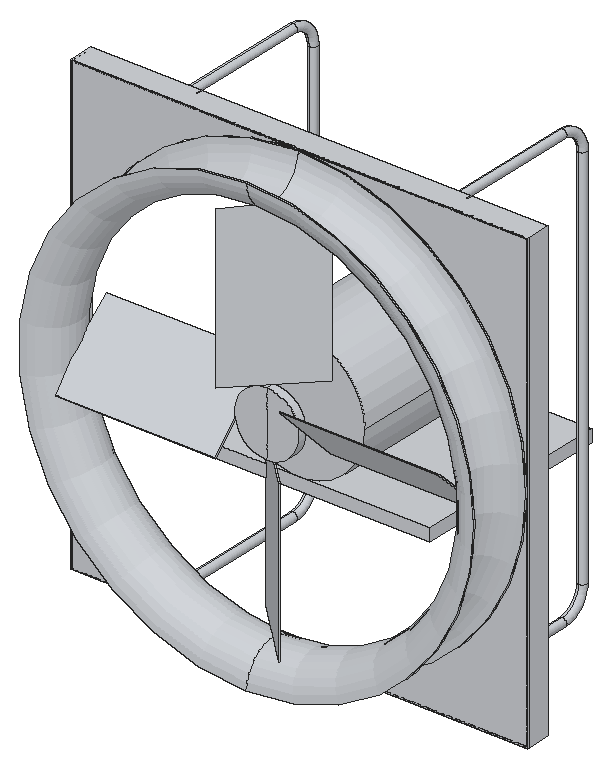
Revit family "AWD_Supply", category Mechanical Equipment, Revit 2019
Family settings
  Round Connector Dimension = Use Diameter
  Part Type = Normal
  Work Plane-Based = No
  Always vertical = Yes
  Cut with Voids When Loaded = No
  Shared = No
  Room Calculation Point = No
Parameters (values of type "48_AWD_SUPPLY")
  Wire_Guard [instance] = no
  Weather_Hood [instance] = no
  Wall_Collar [instance] = no
  WH_B/2 = WH_B / 2  # 29"
  WH_B = 58"
  WH_A = 44 3/16"
  WG_C = 1 1/2"
  WG_B = 55"
  WG_A = 28 7/16"
  WC_C = 52 1/2"
  WC_B = 57 5/8"
  92 = 92.00°  # constant formula
  130 = 130.00°  # constant formula
  -WH_B/2 = -WH_B / 2  # -29"
  -WC_D = -19 11/16"
  WC_A = 54 1/4"
  Unit Weight [instance] = ""
  Sones [instance] = ""
  SIZE/2 = SIZE / 2  # 24"
  SIZE = 48"
  Motor RPM [instance] = ""
  Motor Enclosure [instance] = ""
  LwA [instance] = ""
  Fan RPM [instance] = ""
  D_SUP/2 = D_SUP / 2  # 27"
  D_SUP = 54"
  D/2 = D / 2  # 1 1/2"
  D = 3"
  C/2 = C / 2  # 3 13/16"
  C = 7 5/8"
  B/2 = B / 2  # 12"
  B = 24"
  A/7 = A / 7  # 7.74107"
  A/3.5 = A / 3.5  # 15.48214"
  A/2 = A / 2  # 27 3/32"
  A = 54 3/16"
  9" = 9"  # constant formula
  3" = 3"  # constant formula
  Brake Hp [instance] = ""
  4" = 4"  # constant formula
  2' = 24"
  2" = 2"  # constant formula
  1" = 1"  # constant formula
  0 = 0"  # constant formula
  Voltage [instance] = 0 V
  URL = "www.lorencook.com"
  Type Comments = "Wall Supply Fan Cast Aluminum Propeller Direct Drive"  # constant formula
  Static Pressure [instance] = 0.00 in-wg
  Power [instance] = Voltage * Motor FLA * sqrt(if(Phase = 3, 3, 1))  # 0 VA
  Phase [instance] = 0
  Number of Poles [instance] = 1
  Motor Hp [instance] = "0"
  Motor FLA [instance] = 0 A
  Model = "AWD"  # constant formula
  Manufacturer = "Loren Cook Company"
  CFM [instance] = 0 CFM
  1.5 = 1 1/2"  # constant formula
  .5" = 1/2"  # constant formula
  .125 = 1/8"  # constant formula
  -WG_D = -13 7/16"
  -D = -D  # -3"
  -C/2 = -C / 2  # -3 13/16"
  -B+1" = -B + 1"  # -23"
  -B = -B  # -24"
  -((SIZE/2)-.25") = -((SIZE / 2) - 1/4")  # -23 3/4"
  -((A/2)-C-.5") = -((A / 2) - C - 1/2")  # -18 31/32"
  (SIZE/2)-.25" = (SIZE / 2) - 1/4"  # 23 3/4"
  (D_SUP/2)-(C/2)-.125" = (D_SUP / 2) - (C / 2) - 1/8"  # 23 1/16"
  (A/2)-C-.5" = (A / 2) - C - 1/2"  # 18 31/32"
  (A/2)-1" = (A / 2) - 1/4"  # 26 27/32"
Types (9): name | WH_B/2 | WH_B | WH_A | WG_C | WG_B | WG_A | WC_C | WC_B | -WH_B/2 | -WC_D | WC_A | SIZE/2 | SIZE | D_SUP/2 | D_SUP | D/2 | D | C/2 | C | B/2 | B | A/7 | A/3.5 | A/2 | A | -WG_D | -D | -C/2 | -B+1" | -B | -((SIZE/2)-.25") | -((A/2)-C-.5") | (SIZE/2)-.25" | (D_SUP/2)-(C/2)-.125" | (A/2)-C-.5" | (A/2)-1"
  (no name) | 29" | 58" | 44 3/16" | 1 1/2" | 55" | 28 7/16" | 52 1/2" | 57 5/8" | -29" | -19 11/16" | 54 1/4" | 24" | 48" | 27" | 54" | 1 1/2" | 3" | 3 13/16" | 7 5/8" | 12" | 24" | 7.74107" | 15.48214" | 27 3/32" | 54 3/16" | -13 7/16" | -3" | -3 13/16" | -23" | -24" | -23 3/4" | -18 31/32" | 23 3/4" | 23 1/16" | 18 31/32" | 26 27/32"
  12_AWD_SUPPLY | 11" | 22" | 18 11/16" | 1" | 17" | 12 9/16" | 14 3/8" | 19 1/2" | -11" | -14 3/8" | 16 3/16" | 6" | 12" | 7 15/16" | 15 7/8" | 1" | 2" | 1 5/8" | 3 1/4" | 7 11/16" | 15 3/8" | 2 5/16" | 4 5/8" | 8 3/32" | 16 3/16" | -12 9/16" | -2" | -1 5/8" | -14 3/8" | -15 3/8" | -5 3/4" | -4 11/32" | 5 3/4" | 6 3/16" | 4 11/32" | 7 27/32"
  16_AWD_SUPPLY | 13" | 26" | 21 11/16" | 1" | 21" | 12 9/16" | 18 3/8" | 23 1/2" | -13" | -15 5/16" | 20 3/16" | 8" | 16" | 9 15/16" | 19 7/8" | 1" | 2" | 2 1/4" | 4 1/2" | 7 1/16" | 14 1/8" | 2.88393" | 5.76786" | 10 3/32" | 20 3/16" | -12 9/16" | -2" | -2 1/4" | -13 1/8" | -14 1/8" | -7 3/4" | -5 3/32" | 7 3/4" | 7 9/16" | 5 3/32" | 9 27/32"
  20_AWD_SUPPLY | 15" | 30" | 24 3/8" | 1" | 25" | 12 9/16" | 22 3/8" | 27 1/2" | -15" | -17 1/2" | 24 1/4" | 10" | 20" | 12" | 24" | 1" | 2" | 2 5/8" | 5 1/4" | 7 1/16" | 14 1/8" | 3.45536" | 6.91071" | 12 3/32" | 24 3/16" | -12 9/16" | -2" | -2 5/8" | -13 1/8" | -14 1/8" | -9 3/4" | -6 11/32" | 9 3/4" | 9 1/4" | 6 11/32" | 11 27/32"
  24_AWD_SUPPLY | 17" | 34" | 27 1/8" | 1 1/2" | 31" | 20 9/16" | 28 7/16" | 33 9/16" | -17" | -18 11/16" | 30 1/4" | 12" | 24" | 15" | 30" | 1" | 2" | 3 3/8" | 6 3/4" | 7 5/16" | 14 5/8" | 4 5/16" | 8 5/8" | 15 3/32" | 30 3/16" | -12 9/16" | -2" | -3 3/8" | -13 5/8" | -14 5/8" | -11 3/4" | -7 27/32" | 11 3/4" | 11 1/2" | 7 27/32" | 14 27/32"
  30_AWD_SUPPLY | 20" | 40" | 31 7/16" | 1 1/2" | 37" | 20 9/16" | 34 7/16" | 39 9/16" | -20" | -18 11/16" | 36 1/4" | 15" | 30" | 18" | 36" | 1 1/2" | 3" | 3 3/8" | 6 3/4" | 7 5/16" | 14 5/8" | 5.16964" | 10.33929" | 18 3/32" | 36 3/16" | -12 9/16" | -3" | -3 3/8" | -13 5/8" | -14 5/8" | -14 3/4" | -10 27/32" | 14 3/4" | 14 1/2" | 10 27/32" | 17 27/32"
  36_AWD_SUPPLY | 23" | 46" | 35 11/16" | 1 1/2" | 43" | 20 9/16" | 40 1/2" | 45 9/16" | -23" | -19 7/16" | 42 1/4" | 18" | 36" | 21" | 42" | 1 1/2" | 3" | 3 11/16" | 7 3/8" | 11" | 22" | 6.02679" | 12.05357" | 21 3/32" | 42 3/16" | -12 9/16" | -3" | -3 11/16" | -21" | -22" | -17 3/4" | -13 7/32" | 17 3/4" | 17 3/16" | 13 7/32" | 20 27/32"
  42_AWD_SUPPLY | 26" | 52" | 39 15/16" | 1 1/2" | 49" | 25 9/16" | 46 1/2" | 51 5/8" | -26" | -19 7/16" | 48 1/4" | 21" | 42" | 24" | 48" | 1 1/2" | 3" | 3 13/16" | 7 5/8" | 12" | 24" | 6.88393" | 13.76786" | 24 3/32" | 48 3/16" | -12 9/16" | -3" | -3 13/16" | -23" | -24" | -20 3/4" | -15 31/32" | 20 3/4" | 20 1/16" | 15 31/32" | 23 27/32"
  48_AWD_SUPPLY | 29" | 58" | 44 3/16" | 1 1/2" | 55" | 28 7/16" | 52 1/2" | 57 5/8" | -29" | -19 11/16" | 54 1/4" | 24" | 48" | 27" | 54" | 1 1/2" | 3" | 3 13/16" | 7 5/8" | 12" | 24" | 7.74107" | 15.48214" | 27 3/32" | 54 3/16" | -13 7/16" | -3" | -3 13/16" | -23" | -24" | -23 3/4" | -18 31/32" | 23 3/4" | 23 1/16" | 18 31/32" | 26 27/32"
Reference planes (in)
  plane 1 "Center (Front/Back)": y = 0
  plane 2: z = 0
  plane 3 "Center (Left/Right)": x = 0.40541
  plane 4: y = 1.5
Forms (in)
  Revolve 1, solid
    sketch origin (0.40541, 0, 0) x (0, 1, 0) y (0, 0, 1)
      loop
        line (-4.8125, 3.8125) -> (-4.8125, 0) -> (-3.8125, 0) -> (-3.8125, 3.8125) -> (-4.8125, 3.8125)
      axis (-4.8125, 0) -> (-3.8125, 0)
    angle from 0 to 360
  Extrusion 2, solid
    sketch origin (0.40541, 0, 0) x (0, 1, 0) y (0, 0, 1)
      loop
        line (0, -3.8125) -> (-7.625, 3.8125) -> (-7.71339, 3.72411) -> (-0.08839, -3.90089) -> (0, -3.8125)
    from 30 to 3.8125 <- "C/2"
  Extrusion 3, solid
    sketch origin (0.40541, 0, 0) x (0, 1, 0) y (-1, 0, 0)
      loop
        line (0, -3.8125) -> (-7.625, 3.8125) -> (-7.71339, 3.72411) -> (-0.08839, -3.90089) -> (0, -3.8125)
    from 30 to 3.8125 <- "C/2"
  Extrusion 4, solid
    sketch origin (0.40541, 0, 0) x (0, 1, 0) y (0, 0, -1)
      loop
        line (0, -3.8125) -> (-7.625, 3.8125) -> (-7.71339, 3.72411) -> (-0.08839, -3.90089) -> (0, -3.8125)
    from 30 to 3.8125 <- "C/2"
  Extrusion 5, solid
    sketch origin (0.40541, 0, 0) x (1, 0, 0) y (0, 1, 0)
      loop
        line (-3.8125, 0) -> (-3.90089, -0.08839) -> (3.72411, -7.71339) -> (3.8125, -7.625) -> (-3.8125, 0)
    from -30 to -3.8125 <- "-C/2"
  Extrusion 6, void
    sketch origin (0, 0, 0) x (1, 0, 0) y (0, 0, 1)
      loop
        circle (0.40541, 0) r 23.0625
      loop
        circle (0.40541, 0) r 40
    from 0 to 9 <- "9""
  Extrusion 7, solid
    sketch origin (0, 0, 0) x (1, 0, 0) y (0, 0, 1)
      loop
        line (-26.68834, 27.09375) -> (-26.68834, -27.09375) -> (27.49916, -27.09375) -> (27.49916, 27.09375) -> (-26.68834, 27.09375)
      loop
        circle (0.40541, 0) r 27
    from 0 to -0.125
  Extrusion 8, solid
    sketch origin (0, 0, 0) x (1, 0, 0) y (0, 0, 1)
      loop
        line (-26.68834, 27.09375) -> (-26.68834, -27.09375) -> (27.49916, -27.09375) -> (27.49916, 27.09375) -> (-26.68834, 27.09375)
      loop
        line (27.37416, -26.96875) -> (27.37416, 26.96875) -> (-26.56334, 26.96875) -> (-26.56334, -26.96875) -> (27.37416, -26.96875)
    from 0 to -3 <- "-D"
  Extrusion 9, solid
    sketch origin (0, 0, 0) x (1, 0, 0) y (0, 0, 1)
      loop
        circle (0.40541, 0) r 7.74107
    from 0 to -23 <- "-B+1""
  Extrusion 10, solid
    sketch origin (0, 0, 0) x (1, 0, 0) y (0, 0, 1)
      loop
        line (-15.07673, -7.74107) -> (-15.07673, -9.24107) -> (15.88756, -9.24107) -> (15.88756, -7.74107) -> (-15.07673, -7.74107)
    from 0 to -24 <- "-B"
  Sweep 11, solid
    path origin (0.40541, 0, 0) x (0, 1, 0) y (0, 0, 1)
      loop
        line (0.125, 25.96875) -> (19, 25.96875)
        arc (19, 25.96875) -> (21.12132, 25.09007) -> (22, 22.96875) r 3
        line (22, 22.96875) -> (22, -22.96875)
        arc (22, -22.96875) -> (21.12132, -25.09007) -> (19, -25.96875) r 3
        line (19, -25.96875) -> (0.125, -25.96875)
    profile origin (0.40541, 9.5625, 25.96875) x (0, 0, 1) y (1, 0, 0)
      loop
        circle (0, -15.98214) r 0.5
      loop
        circle (0, 15.98214) r 0.5
  Revolve 12, solid
    sketch origin (0.40541, 0, 0) x (0, 1, 0) y (0, 0, 1)
      loop
        arc (-0.125, 27) -> (-3.9375, 23.1875) -> (-7.75, 27) r 3.8125
        line (-7.75, 27) -> (-7.875, 27)
        arc (-7.875, 27) -> (-3.9375, 23.0625) -> (0, 27) r 3.9375
        line (0, 27) -> (-0.125, 27)
      axis (-7.875, 0) -> (0, 0)
    angle from 0 to 360
  Extrusion 13, solid, material "Glass", visible <- "Wire_Guard"
    sketch origin (0, 1.5, -12.55218) x (0, 0, -1) y (-1, 0, 0)
      loop
        line (-40.05218, -27.90541) -> (14.94782, -27.90541) -> (14.94782, 27.09459) -> (-40.05218, 27.09459) -> (-40.05218, -27.90541)
    from 28.4375 <- "WG_A" to -13.4375 <- "-WG_D"
  Extrusion 14, solid, visible <- "Wall_Collar"
    sketch origin (0, 3, 0) x (-1, 0, 0) y (0, 0, 1)
      loop
        line (26.84459, 27.25) -> (-27.65541, 27.25) -> (-27.65541, -27.25) -> (26.84459, -27.25) -> (26.84459, 27.25)
      loop
        line (-27.53041, -27.125) -> (26.71959, -27.125) -> (26.71959, 27.125) -> (-27.53041, 27.125) -> (-27.53041, -27.125)
    from 0 to -19.6875 <- "-WC_D"
  Extrusion 15, solid, visible <- "Wall_Collar"
    sketch origin (0, -16.6875, 0) x (1, 0, 0) y (0, 0, 1)
      loop
        line (-25.84459, 26.25) -> (-25.84459, -26.25) -> (26.65541, -26.25) -> (26.65541, 26.25) -> (-25.84459, 26.25)
      loop
        line (29.21791, -28.8125) -> (29.21791, 28.8125) -> (-28.40709, 28.8125) -> (-28.40709, -28.8125) -> (29.21791, -28.8125)
    from 0 to -0.125
  Extrusion 16, solid, visible <- "Weather_Hood"
    sketch origin (0.40541, 0, 0) x (0, 1, 0) y (0, 0, 1)
      loop
        line (-16.6875, 29) -> (-43.32556, 29) -> (-60.875, 8.08539) -> (-19.6875, -29) -> (-16.6875, -29) -> (-16.6875, 29)
    from -29 <- "-WH_B/2" to 29 <- "WH_B/2"
  Extrusion 17, solid, visible <- "Weather_Hood"
    sketch origin (0.40541, -16.6875, -29) x (0, 0, 1) y (1, 0, 0)
      loop
        line (58, -29) -> (58, 29) -> (0, 29) -> (0, -29) -> (58, -29)
      loop
        line (-1.5, 30.5) -> (-1.5, -30.5) -> (59.5, -30.5) -> (59.5, 30.5) -> (-1.5, 30.5)
    from 0 to -0.125
Cuts and joins
  Extrusion 6 cuts Revolve 1
  Extrusion 6 cuts Extrusion 2
  Extrusion 6 cuts Extrusion 3
  Extrusion 6 cuts Extrusion 4
  Extrusion 6 cuts Extrusion 5
Dimensions and locks (in)
  "0": Revolve 1 sketch curve to level  (x2)
  "C/2": Revolve 1 sketch curve to level
  "C/2": plane 1 "Center (Front/Back)" to Revolve 1 sketch curve
  "1"": Revolve 1 sketch curve to Revolve 1 sketch curve
  "0": Extrusion 2 sketch curve to plane 1 "Center (Front/Back)"
  "C": plane 1 "Center (Front/Back)" to Extrusion 2 sketch curve
  "C/2": Extrusion 2 sketch curve to level
  "C/2": level to Extrusion 2 sketch curve
  ".125": Extrusion 2 sketch curve to Extrusion 2 sketch curve
  ".125": Extrusion 3 sketch curve to Extrusion 3 sketch curve
  ".125": Extrusion 4 sketch curve to Extrusion 4 sketch curve
  ".125": Extrusion 5 sketch curve to Extrusion 5 sketch curve
  Extrusion 6 sketch curve to plane 3 "Center (Left/Right)" = 0"  (x2)
  level to Extrusion 6 sketch curve = 0"
  Extrusion 6 sketch curve to level = 0"
  "0": Extrusion 3 sketch curve to plane 1 "Center (Front/Back)"
  "C": Extrusion 3 sketch curve to plane 1 "Center (Front/Back)"
  "C/2": plane 3 "Center (Left/Right)" to Extrusion 3 sketch curve
  "C/2": Extrusion 3 sketch curve to plane 3 "Center (Left/Right)"
  "C": plane 1 "Center (Front/Back)" to Extrusion 4 sketch curve
  "0": Extrusion 4 sketch curve to plane 1 "Center (Front/Back)"
  "C/2": level to Extrusion 4 sketch curve
  "C/2": Extrusion 4 sketch curve to level
  "0": Extrusion 5 sketch curve to plane 1 "Center (Front/Back)"
  "C": Extrusion 5 sketch curve to plane 1 "Center (Front/Back)"
  "C/2": plane 3 "Center (Left/Right)" to Extrusion 5 sketch curve
  "C/2": Extrusion 5 sketch curve to plane 3 "Center (Left/Right)"
  "A/2": plane 3 "Center (Left/Right)" to Extrusion 7 sketch curve
  "A/2": Extrusion 7 sketch curve to plane 3 "Center (Left/Right)"
  "A/2": Extrusion 7 sketch curve to level
  "A/2": level to Extrusion 7 sketch curve
  "0": Extrusion 7 sketch curve to level
  "0": Extrusion 7 sketch curve to plane 3 "Center (Left/Right)"
  ".125": Extrusion 8 sketch curve to Extrusion 8 sketch curve  (x4)
  "A/2": plane 3 "Center (Left/Right)" to Extrusion 8 sketch curve  (x2)
  "A/2": level to Extrusion 8 sketch curve
  "A/2": Extrusion 8 sketch curve to level
  "0": Extrusion 9 sketch curve to level
  "0": Extrusion 9 sketch curve to plane 3 "Center (Left/Right)"
  "A/7": level to Extrusion 10 sketch curve
  "1.5": Extrusion 10 sketch curve to Extrusion 10 sketch curve
  "A/3.5": Extrusion 10 sketch curve to plane 3 "Center (Left/Right)"
  "A/3.5": plane 3 "Center (Left/Right)" to Extrusion 10 sketch curve
  "1"": Extrusion 9 to Sweep 11 sketch curve
  ".125": Sweep 11 sketch curve to plane 1 "Center (Front/Back)"  (x2)
  "1"": Extrusion 8 to Sweep 11 sketch curve  (x2)
  "0": Sweep 11 sketch curve to profile plane  (x2)
  ".5"": Sweep 11 sketch curve to Extrusion 10  (x2)
  "0": Revolve 12 sketch curve to level
  "D_SUP/2": Revolve 12 sketch curve to level  (x2)
  "C": Revolve 12 sketch curve to Revolve 12 sketch curve
  ".125": plane 1 "Center (Front/Back)" to Revolve 12 sketch curve
  ".125": Revolve 12 sketch curve to Revolve 12 sketch curve  (x2)
  "0": Revolve 12 sketch curve to Revolve 12 sketch curve
  "WG_C": plane 4 to plane 1 "Center (Front/Back)"
  equal spacing: Extrusion 13 sketch curve, plane 3 "Center (Left/Right)", Extrusion 13 sketch curve
  equal spacing: Extrusion 13 sketch curve, level, Extrusion 13 sketch curve
  "WG_B": Extrusion 13 sketch curve to Extrusion 13 sketch curve  (x2)
  equal spacing: Extrusion 14 sketch curve, level, Extrusion 14 sketch curve  (x2)
  equal spacing: Extrusion 14 sketch curve, plane 3 "Center (Left/Right)", Extrusion 14 sketch curve  (x2)
  "WC_A": Extrusion 14 sketch curve to Extrusion 14 sketch curve  (x2)
  ".125": Extrusion 14 sketch curve to Extrusion 14 sketch curve  (x2)
  equal spacing: Extrusion 15 sketch curve, plane 3 "Center (Left/Right)", Extrusion 15 sketch curve  (x2)
  equal spacing: Extrusion 15 sketch curve, level, Extrusion 15 sketch curve  (x2)
  "WC_C": Extrusion 15 sketch curve to Extrusion 15 sketch curve  (x2)
  "WC_B": Extrusion 15 sketch curve to Extrusion 15 sketch curve  (x2)
  equal spacing: Extrusion 16 sketch curve, level, Extrusion 16 sketch curve
  "WH_B": Extrusion 16 sketch curve to Extrusion 16 sketch curve
  "WH_A": Extrusion 16 sketch curve to Extrusion 16 sketch curve
  "3"": Extrusion 16 sketch curve to Extrusion 16 sketch curve
  "0": Extrusion 15 to Extrusion 16 sketch curve
  equal spacing: Extrusion 17 sketch curve, plane 3 "Center (Left/Right)", Extrusion 17 sketch curve  (x2)
  equal spacing: Extrusion 17 sketch curve, level, Extrusion 17 sketch curve  (x2)
  "WH_B": Extrusion 17 sketch curve to Extrusion 17 sketch curve  (x2)
  "1.5": Extrusion 17 sketch curve to Extrusion 17 sketch curve  (x2)
  "(D_SUP/2)-(C/2)-.125"": radius of Extrusion 6 sketch curve
  "D_SUP/2": radius of Extrusion 7 sketch curve
  "A/7": radius of Extrusion 9 sketch curve
  "3"": radius of Sweep 11 sketch curve  (x2)
  ".5"": radius of Sweep 11 sketch curve  (x2)
  "130": angle Extrusion 16 sketch curve to Extrusion 16 sketch curve
  "92": angle Extrusion 16 sketch curve to Extrusion 16 sketch curve
Automatic sketch dimensions
  Revolve 1 sketch curve to plane 1 "Center (Front/Back)" = 0"
  Revolve 1 sketch curve to Revolve 1 sketch curve = 26"
  plane 1 "Center (Front/Back)" to Revolve 12 sketch curve = 3 1/4"
  Revolve 12 sketch curve to Revolve 12 sketch curve = 1.44822"
  radius of Extrusion 6 sketch curve = 40"
Connectors (in)
  hvac at (0.40541, 3, 0), driven by "A", driven by "A", driven by "CFM"
    settings: on Extrusion 8, index 1, duct flow 0 CFM, flow factor 0, pres drop 0.00 in-wg, loss coef 0, conn angle 0.00°, conn width 54 3/16", conn height 54 3/16", conn diameter 24", duct sys type 1, conn prof type 1, flow config 0, flow direction 1, loss method 0, conn ref index -1, conn util no, is conn primary yes, conn desc ""
  electrical at (0.40541, 23, 0)
    settings: on Extrusion 9, index 2, voltage 0 V, apparent load 0 VA, apparent load phase1 0 VA, apparent load phase2 0 VA, apparent load phase3 0 VA, power factor 1, load classification "Other", number of poles 1, system type 30, power factor state 1, is connector primary yes, connector utility no, sub classification motor no, connector description ""
